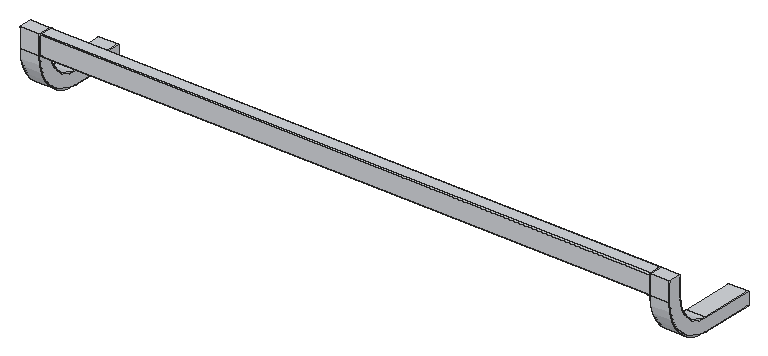
Revit family "Accessory-Towel_Bar-KOHLER-Loure-K-11581_1", category Specialty Equipment, host Face, Revit 2015
Parameters (values of type "CP-Polished Chrome")
  Width = 2 1/2"  # constant formula
  URL = "https://www.us.kohler.com/us/"
  Type = 1
  Product Page URL = "http://www.us.kohler.com/us/catalog/productDetails.jsp?productNumber=11581"
  Product Name = "Loure"  # constant formula
  Product Documentation Link = "http://www.us.kohler.com/onlinecatalog/pdf/K-11581_spec.pdf"
  Model = if(Type = 1, "K-11581-CP", if(Type = 2, "K-11581-SN", if(Type = 3, "K-11581-BN", "NA")))  # "K-11581-CP"
  Material = "Premium Metal Construction"  # constant formula
  MasterFormat 2004 = "10.28.13"  # constant formula
  MasterFormat 1995 = "10820"  # constant formula
  Manufacturer Address = "444 Highland Dr, Kohler, WI 53044"  # constant formula
  Manufacturer = "KOHLER Co."  # constant formula
  Length = 24"  # constant formula
  Height = 3 3/4"  # constant formula
  Finish = Kohler-Metal-CP-Polished_Chrome
  Environmental Product Declaration = ""
  Description = "24 inch towel bar"  # constant formula
  Default Elevation = 42"
  Declare Label = ""
  Date Modified = "11/15/2018"  # constant formula
  Date Created = "11/15/2018"  # constant formula
  Copyright = "Copyright KOHLER Co."  # constant formula
  Contact Us = "https://www.us.kohler.com/us/static/contact.jsp"
  Assembly Code = "C1030200"
  ADA Compliant = 1 = 0  # no
Types (4): name | Type | Model | Finish
  (no name) | 1 | "K-11581-CP" | Kohler-Metal-CP-Polished_Chrome
  CP-Polished Chrome | 1 | "K-11581-CP" | Kohler-Metal-CP-Polished_Chrome
  SN-Vibrant Polished Nickel | 2 | "K-11581-SN" | Kohler-Metal-SN-Vibrant_Polished_Nickel
  BN-Vibrant Brushed Nickel | 3 | "K-11581-BN" | Kohler-Metal-BN-Vibrant_Brushed_Nickel
Reference planes (in)
  plane 1 "Center (Front/Back)": y = 0
  plane 2: z = 0
  plane 3 "Center (Left/Right)": x = 0
  plane 4: y = -3.75
  plane 5: x = -12.375
  plane 6: x = 12.375
  plane 7: z = 2.5
  plane 8: x = -12
  plane 9: x = 12
Dimensions and locks (in)
  "Height": plane 4 to plane 1 "Center (Front/Back)"
  "Width": plane 7 to level
  "Length": plane 8 to plane 9
  locked: plane 5 to plane 6 at 24.75
  aligned and locked: plane 2 to host face
  aligned and locked: level to host face
Automatic sketch dimensions
  host sketch curve to host sketch curve = 96"  (x2)
Nested families (in)
  nested 1: "K-11581" at (0, -1.02456, 0) x (-1, 0, 0) z (0, 0, 1), type "K-11581"
Definition of nested family "K-11581"
  Parameters (values of type "K-11581")
    Material = none
  Reference planes (in)
    plane 1 "Center (Front/Back)": y = 0
    plane 2: z = 0
    plane 3 "Center (Left/Right)": x = 0
    plane 4: x = -12.375
    plane 5: x = 12.375
    plane 6: x = -12
    plane 7: x = 12
    plane 8: z = 2.5
    plane 9: x = -11.625
    plane 10: y = -1.02456
    plane 11: y = 2.72544
  Forms (in)
    Sweep 1, solid, material <- "Material", detail levels medium+fine
      path origin (0, -0.02492, 0) x (0, 1, 0) y (0, 0, 1)
        loop
          line (-0.99964, 0.24357) -> (1.00679, 0.24357)
          arc (1.00679, 0.24357) -> (2.06745, 0.68291) -> (2.50679, 1.74357) r 1.5
          line (2.50679, 1.74357) -> (2.50679, 2.5)
      profile origin (0, -1.02456, 0.24357) x (0, 0, 1) y (1, 0, 0)
        loop
          arc (0.26874, -11.64505) -> (0.2631, -11.63089) -> (0.24904, -11.625) r 0.0197
          line (0.24904, -11.625) -> (-0.22188, -11.625)
          arc (-0.22188, -11.625) -> (-0.23722, -11.63135) -> (-0.24357, -11.64669) r 0.02169
          line (-0.24357, -11.64669) -> (-0.24357, -12.35331)
          arc (-0.24357, -12.35331) -> (-0.23722, -12.36865) -> (-0.22188, -12.375) r 0.02169
          line (-0.22188, -12.375) -> (0.24904, -12.375)
          arc (0.24904, -12.375) -> (0.2631, -12.36911) -> (0.26874, -12.35495) r 0.0197
          line (0.26874, -12.35495) -> (0.26874, -11.64505)
    Extrusion 2, solid, material <- "Material", detail levels medium+fine
      sketch origin (0, 0, 0) x (0, 1, 0) y (0, 0, 1)
        loop
          arc (2.69544, 1.75) -> (2.71665, 1.75879) -> (2.72544, 1.78) r 0.03
          line (2.72544, 1.78) -> (2.72544, 2.47)
          arc (2.72544, 2.47) -> (2.71665, 2.49121) -> (2.69544, 2.5) r 0.03
          line (2.69544, 2.5) -> (2.24312, 2.5)
          arc (2.24312, 2.5) -> (2.22191, 2.49121) -> (2.21312, 2.47) r 0.03
          line (2.21312, 2.47) -> (2.21312, 1.78)
          arc (2.21312, 1.78) -> (2.22191, 1.75879) -> (2.24312, 1.75) r 0.03
          line (2.24312, 1.75) -> (2.69544, 1.75)
      from -11.625 to 11.625
    Sweep 3, solid, material <- "Material", detail levels medium+fine
      path origin (0, -0.02492, 0) x (0, 1, 0) y (0, 0, -1)
        loop
          line (-0.99964, -0.24357) -> (1.00679, -0.24357)
          arc (1.00679, -0.24357) -> (2.06745, -0.68291) -> (2.50679, -1.74357) r 1.5
          line (2.50679, -1.74357) -> (2.50679, -2.5)
      profile origin (0, -1.02456, 0.24357) x (0, 0, -1) y (-1, 0, 0)
        loop
          line (-0.26874, -11.64505) -> (-0.26874, -12.35495)
          arc (-0.26874, -12.35495) -> (-0.2631, -12.36911) -> (-0.24904, -12.375) r 0.0197
          line (-0.24904, -12.375) -> (0.22188, -12.375)
          arc (0.22188, -12.375) -> (0.23722, -12.36865) -> (0.24357, -12.35331) r 0.02169
          line (0.24357, -12.35331) -> (0.24357, -11.64669)
          arc (0.24357, -11.64669) -> (0.23722, -11.63135) -> (0.22188, -11.625) r 0.02169
          line (0.22188, -11.625) -> (-0.24904, -11.625)
          arc (-0.24904, -11.625) -> (-0.2631, -11.63089) -> (-0.26874, -11.64505) r 0.0197
    Extrusion 4, solid, material <- "Material", detail levels coarse
      sketch origin (0, 0, 0) x (0, 1, 0) y (0, 0, 1)
        loop
          line (2.72544, 1.78) -> (2.21312, 1.78) -> (2.21312, 0.39004) -> (-1.02456, 0.39004) -> (-1.02456, 0) -> (2.72544, 0) -> (2.72544, 1.78)
      from 11.64505 to 12.375
    Extrusion 5, solid, material <- "Material", detail levels coarse
      sketch origin (0, 0, 0) x (0, 1, 0) y (0, 0, 1)
        loop
          line (2.72544, 1.78) -> (2.72544, 2.5) -> (2.21312, 2.5) -> (2.21312, 1.78) -> (2.72544, 1.78)
      from -12.375 to 12.35495
    Extrusion 6, solid, material <- "Material", detail levels coarse
      sketch origin (0, 0, 0) x (0, 1, 0) y (0, 0, -1)
        loop
          line (2.72544, -1.78) -> (2.72544, 0) -> (-1.02456, 0) -> (-1.02456, -0.39004) -> (2.21312, -0.39004) -> (2.21312, -1.78) -> (2.72544, -1.78)
      from 11.64505 to 12.375
  Cuts and joins
    joined: Sweep 1, Sweep 3
  Lines and regions (in)
    Masking region 1
      outline origin (0, 0, 0) x (1, 0, 0) y (0, 0, 1)
        loop
          line (-12.375, 2.5) -> (-12.375, 0) -> (-11.625, 0) -> (-11.625, 1.75) -> (11.625, 1.75) -> (11.625, 0) -> (12.375, 0) -> (12.375, 2.5) -> (-12.375, 2.5)
    Masking region 2
      outline origin (0, 0, 0) x (0, 1, 0) y (0, 0, 1)
        loop
          line (-1.02456, 0) -> (0.99817, 0)
          arc (0.99817, 0) -> (2.23397, 0.52886) -> (2.72544, 1.78) r 1.74214
          line (2.72544, 1.78) -> (2.72544, 2.5) -> (2.21312, 2.5) -> (2.21312, 1.74357)
          arc (2.21312, 1.74357) -> (1.8525, 0.87294) -> (0.98187, 0.51232) r 1.23126
          line (0.98187, 0.51232) -> (-1.02456, 0.51232) -> (-1.02456, 0)
    Masking region 3
      outline origin (0, 0, 0) x (1, 0, 0) y (0, 1, 0)
        loop
          line (-12.375, 2.72544) -> (-12.375, -1.02456) -> (-11.625, -1.02456) -> (-11.625, 2.21312) -> (11.625, 2.21312) -> (11.625, -1.02456) -> (12.375, -1.02456) -> (12.375, 2.72544) -> (-12.375, 2.72544)
    symbolic lines, detail levels medium+fine
      curve 1: line (-11.64505, 0, 0.51232) -> (-12.35495, 0, 0.51232)
      curve 2: arc (-12.35495, 0, 0.51232) -> (-12.36911, 0, 0.50667) -> (-12.375, 0, 0.49261) r 0.0197
      curve 3: arc (-11.625, 0, 0.49261) -> (-11.63089, 0, 0.50667) -> (-11.64505, 0, 0.51232) r 0.0197
      curve 4: line (-12.35331, 0, 2.5) -> (-12.35495, 0, 0.51232)
      curve 5: line (-11.64505, 0, 2.5) -> (-11.64505, 0, 0.51232)
      curve 6: line (-11.625, 0, 1.75) -> (-11.625, 0, 2.5)
      curve 7: line (11.64505, 0, 0.51232) -> (12.35495, 0, 0.51232)
      curve 8: arc (12.35495, 0, 0.51232) -> (12.36911, 0, 0.50667) -> (12.375, 0, 0.49261) r 0.0197
      curve 9: arc (11.625, 0, 0.49261) -> (11.63089, 0, 0.50667) -> (11.64505, 0, 0.51232) r 0.0197
      curve 10: line (12.35331, 0, 2.5) -> (12.35495, 0, 0.51232)
      curve 11: line (11.64505, 0, 2.5) -> (11.64505, 0, 0.51232)
      curve 12: line (11.625, 0, 1.75) -> (11.625, 0, 2.5)
      curve 13: arc (0, 2.69544, 1.75) -> (0, 2.71665, 1.75879) -> (0, 2.72544, 1.78) r 0.03
      curve 14: line (0, 2.24312, 1.75) -> (0, 2.69544, 1.75)
      curve 15: arc (0, 2.21312, 1.78) -> (0, 2.22191, 1.75879) -> (0, 2.24312, 1.75) r 0.03
      curve 16: line (-12.35495, 2.21312, 0) -> (-11.625, 2.21312, 0)
      curve 17: arc (-11.625, 2.23283, 0) -> (-11.63089, 2.21877, 0) -> (-11.64505, 2.21312, 0) r 0.0197
      curve 18: arc (-12.35495, 2.21312, 0) -> (-12.36911, 2.21877, 0) -> (-12.375, 2.23283, 0) r 0.0197
      curve 19: line (-12.35331, -1.02456, 0) -> (-12.35495, 2.21312, 0)
      curve 20: line (-11.64505, 2.21312, 0) -> (-11.64505, -1.02456, 0)
      curve 21: line (-11.625, 2.72544, 0) -> (-11.625, 2.21312, 0)
      curve 22: arc (-11.64669, 2.72544, 0) -> (-11.63135, 2.71909, 0) -> (-11.625, 2.70375, 0) r 0.02169
      curve 23: arc (-12.375, 2.70375, 0) -> (-12.36865, 2.71909, 0) -> (-12.35331, 2.72544, 0) r 0.02169
      curve 24: line (12.35495, 2.21312, 0) -> (11.625, 2.21312, 0)
      curve 25: arc (11.625, 2.23283, 0) -> (11.63089, 2.21877, 0) -> (11.64505, 2.21312, 0) r 0.0197
      curve 26: arc (12.35495, 2.21312, 0) -> (12.36911, 2.21877, 0) -> (12.375, 2.23283, 0) r 0.0197
      curve 27: line (12.35331, -1.02456, 0) -> (12.35495, 2.21312, 0)
      curve 28: line (11.64505, 2.21312, 0) -> (11.64505, -1.02456, 0)
      curve 29: line (11.625, 2.72544, 0) -> (11.625, 2.21312, 0)
      curve 30: arc (11.64669, 2.72544, 0) -> (11.63135, 2.71909, 0) -> (11.625, 2.70375, 0) r 0.02169
      curve 31: arc (12.375, 2.70375, 0) -> (12.36865, 2.71909, 0) -> (12.35331, 2.72544, 0) r 0.02169
      curve 32: line (-11.625, 0, 1.75) -> (-12.375, 0, 1.75)
      curve 33: line (11.625, 0, 1.75) -> (12.375, 0, 1.75)
  Dimensions and locks (in)
    plane 4 to plane 3 "Center (Left/Right)" = 12 3/8"
    plane 6 to plane 3 "Center (Left/Right)" = 12"
    plane 8 to level = 2 1/2"
    plane 11 to plane 10 = 3 3/4"
    aligned and locked: plane 2 to level
